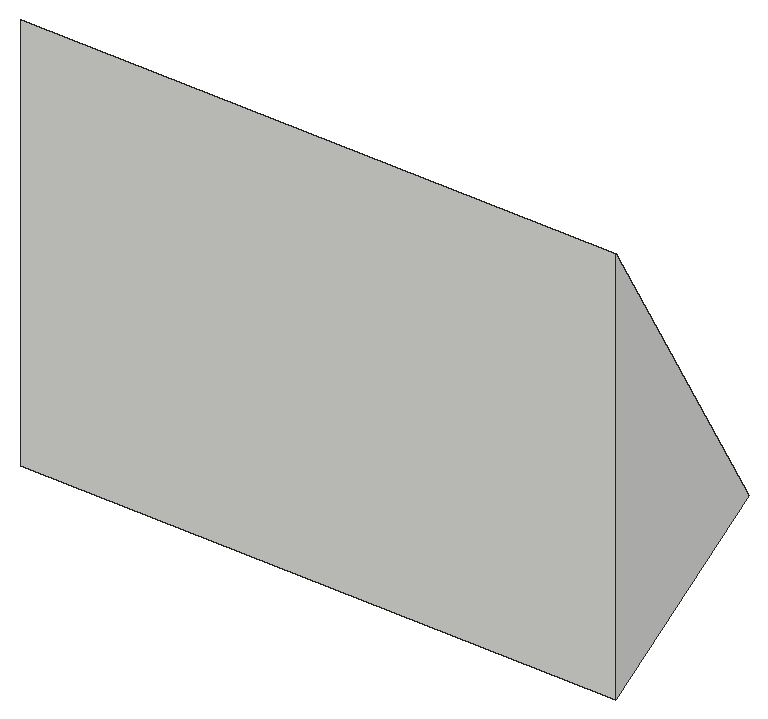
Revit family "TM92931E Triangle ER-AP LED stål LED driver_Vegg", category Lighting Fixtures, Revit 2016
Family settings
  Part Type = Normal
  Round Connector Dimension = Use Diameter
  OmniClass Number = 23.80.70.11.21
  OmniClass Title = Emergency Lighting
  Work Plane-Based = No
  Always vertical = Yes
  Cut with Voids When Loaded = No
  Light Source = Yes
  Shared = No
  Room Calculation Point = No
Parameters (values of type "Ledelys")
  Wattage = 9.2903 W
  built-in parameter 1150110 = 1 (stored number, unit not read)
  Type Comments = "-UN"
  built-in parameter 1114217 = 1 (stored number, unit not read)
  Tilt Angle = 90.00°
  built-in parameter 1150109 = 1 (stored number, unit not read)
  built-in parameter 1150134 = 3
  built-in parameter 1150113 = 1 (stored number, unit not read)
  Photometric Web File = "2x4 3Lamp.ies"
  Number of Poles = 1
  Symbol Positive Direction [instance] = yes
  NS8360 = "4432_WT2"
  Manufacturer = "Honeywell"
  built-in parameter 1150105 = 109.82 (stored number, unit not read)
  Lumens = 1380 lm
  built-in parameter 1150115 = 1 (stored number, unit not read)
  built-in parameter 1150137 = (empty or 0)
  built-in parameter 1150139 = (empty or 0)
  built-in parameter 1150112 = 1 (stored number, unit not read)
  built-in parameter 1150114 = 1 (stored number, unit not read)
  Keynote = "WT2"
  built-in parameter 1150132 = (empty or 0)
  built-in parameter 1150102 = (empty or 0)
  built-in parameter 1150107 = 3200 (stored number, unit not read)
  built-in parameter 1150138 = (empty or 0)
  built-in parameter 1150106 = 1.0982 (stored number, unit not read)
  Height = 60 mm
  Voltage = 230 V
  Symbol Offset Side [instance] = 0 mm
  Symbol Offset Out [instance] = 0 mm
  Material = Steel
  Loads [instance] = 0 VA
  Length B = 145 mm
  Length A = 216 mm
  Emit from Rectangle Width = Length B  # 145 mm
  Emit from Rectangle Length = Length A  # 216 mm
  Emit Shape Visible in Rendering = no
  built-in parameter 1150104 = 13.8 (stored number, unit not read)
  Dimming Lamp Color Temperature Shift = <None>
  Color Filter = 16777215
  built-in parameter 1114218 = 1 (stored number, unit not read)
  built-in parameter 1150133 = 10 (stored number, unit not read)
  Assembly Code = "4432"
Reference planes
  plane 1 "Light Source Axis (F/B)": y = 0
  plane 2: z = 0
  plane 3 "Light Source Axis (L/R)": x = 0
  plane 4 "Light Source Elevation": z = 0
  plane 5: z = -72.5
  plane 6: y = 60
  plane 7: x = -108
  plane 8: x = 108
  plane 9: z = 72.5
  plane 10: z = -32.5
Forms (mm)
  Extrusion 1, solid, material "Steel" <- "Material"
    sketch origin (0, 0, 0) x (0, 1, 0) y (0, 0, 1)
      loop
        line (0, 72.5) -> (0, -72.5) -> (60, -32.5) -> (0, 72.5)
    from -108 to 108
  Extrusion 2, void
    sketch origin (0, 33.462, -50.192) x (0, -0.83205, -0.5547) y (-1, 0, 0)
      loop
        line (9.278, 15) -> (-18.965, 5) -> (-18.965, -5) -> (9.278, -15) -> (9.278, 15)
      loop
        line (9.278, 69) -> (-18.965, 59) -> (-18.965, 49) -> (9.278, 39) -> (9.278, 69)
      loop
        line (9.278, -69) -> (9.278, -39) -> (-18.965, -49) -> (-18.965, -59) -> (9.278, -69)
    from -10 to 0
Cuts and joins
  Extrusion 2 cuts Extrusion 1
Lines and regions (mm)
  model lines, style "InvisibleLines"
    curve 1: line (0, 0, 0) -> (0, 0, -69.5)
Dimensions and locks
  plane 4 "Light Source Elevation" to plane 2 = 0 mm
  "Height": plane 6 to plane 1 "Light Source Axis (F/B)"
  equal spacing: plane 9, plane 4 "Light Source Elevation", plane 5
  equal spacing: plane 8, plane 3 "Light Source Axis (L/R)", plane 7
  "Length A": plane 8 to plane 7
  "Length B": plane 9 to plane 5
  plane 10 to plane 5 = 40 mm
  plane 3 "Light Source Axis (L/R)" to plane 7 = 108 mm
  aligned and locked: plane 2 to level
  aligned and locked: plane 1 "Light Source Axis (F/B)" to nested 1
  aligned and locked: plane 3 "Light Source Axis (L/R)" to nested 1
  aligned and locked: plane 6 to imposter light
  aligned and locked: plane 1 "Light Source Axis (F/B)" to Extrusion 1 sketch curve
  aligned and locked: Extrusion 1 to plane 7
  aligned and locked: plane 8 to Extrusion 1
  aligned and locked: cut or joined group of Extrusion 1, Extrusion 2 to cut or joined group of Extrusion 1, Extrusion 2
  aligned and locked: Extrusion 1 to Extrusion 2
Automatic sketch dimensions
  curve 1 to plane 3 "Light Source Axis (L/R)" = 0 mm
  plane 5 to curve 1 = 3 mm
  curve 1 to level = 0 mm
  Extrusion 1 sketch curve to plane 6 = 0 mm
  Extrusion 1 sketch curve to plane 10 = 0 mm
  Extrusion 1 sketch curve to plane 9 = 0 mm
  Extrusion 1 sketch curve to plane 5 = 0 mm
  plane 3 "Light Source Axis (L/R)" to Extrusion 2 sketch curve = 49 mm
  plane 7 to Extrusion 2 sketch curve = 49 mm
  Extrusion 2 sketch curve to Extrusion 2 sketch curve = 0 mm  (x3)
  Extrusion 2 sketch curve to plane 3 "Light Source Axis (L/R)" = 5 mm
  Extrusion 2 sketch curve to plane 3 "Light Source Axis (L/R)" = 15 mm
  Extrusion 2 sketch curve to Extrusion 2 sketch curve = 28.242 mm  (x2)
  Extrusion 2 sketch curve to Extrusion 2 sketch curve = 10 mm  (x4)
  plane 3 "Light Source Axis (L/R)" to Extrusion 2 sketch curve = 15 mm
  plane 3 "Light Source Axis (L/R)" to Extrusion 2 sketch curve = 5 mm
  Extrusion 2 sketch curve to plane 3 "Light Source Axis (L/R)" = 49 mm
  Extrusion 2 sketch curve to plane 3 "Light Source Axis (L/R)" = 39 mm
Nested families
  nested 1: "LedelysS" at (0, 0, 0), type "Type 1"
Connectors
  electrical at (0, 0, 0), driven by "Voltage", driven by "Loads", driven by "Number of Poles", driven by "Loads"
    settings: on plane 4 "Light Source Elevation", index 1, voltage 230 V, apparent load 0 VA, apparent load phase1 0 VA, apparent load phase2 0 VA, apparent load phase3 0 VA, power factor 1, load classification "Lighting", number of poles 1, system type 30, power factor state 1, is connector primary yes, connector utility no, sub classification motor no, connector description ""
Definition of nested family "LedelysS"
  Parameters
    CQ Symbol Positive Direction = yes
    CQ Symbol Negative Direction = not(CQ Symbol Positive Direction)  # no
    CQ Symbol Offset Side = 0 mm
    CQ Symbol Offset Out = 0 mm
  Reference planes
    plane 1: y = 0
    plane 2: x = 0
  Dimensions and locks
    "CQ Symbol Offset Out": plane 1 to nested 1
    "CQ Symbol Offset Out": plane 1 to nested 2
    "CQ Symbol Offset Side": plane 2 to nested 2
    "CQ Symbol Offset Side": nested 1 to plane 2
  Nested families
    nested 1: "LedelysSub" at (0, 0, 0), visible <- "CQ Symbol Negative Direction", type "Type 1"
    nested 2: "LedelysSub" at (0, 0, 0), visible <- "CQ Symbol Positive Direction", type "Type 1"
  Definition of nested family "LedelysSub"
    Reference planes
      plane 1: y = 0
      plane 2: x = 0
    Lines and regions (mm)
      detail lines
        curve 1: line (-4, 0, 0) -> (4, 0, 0)
        curve 2: line (4, 0, 0) -> (4, 4, 0)
        curve 3: line (4, 4, 0) -> (-4, 4, 0)
        curve 4: line (-4, 4, 0) -> (-4, 0, 0)
        curve 5: line (-3.097, 0.75, 0) -> (-0.597, 3.25, 0)
        curve 6: line (-3.097, 3.25, 0) -> (-0.597, 0.75, 0)
        curve 7: circle (-1.847, 2, 0) r 1.2 normal (0, 0, 1)
    Text (mm)
      text "LL" at (2.179, 3.025, 0)
